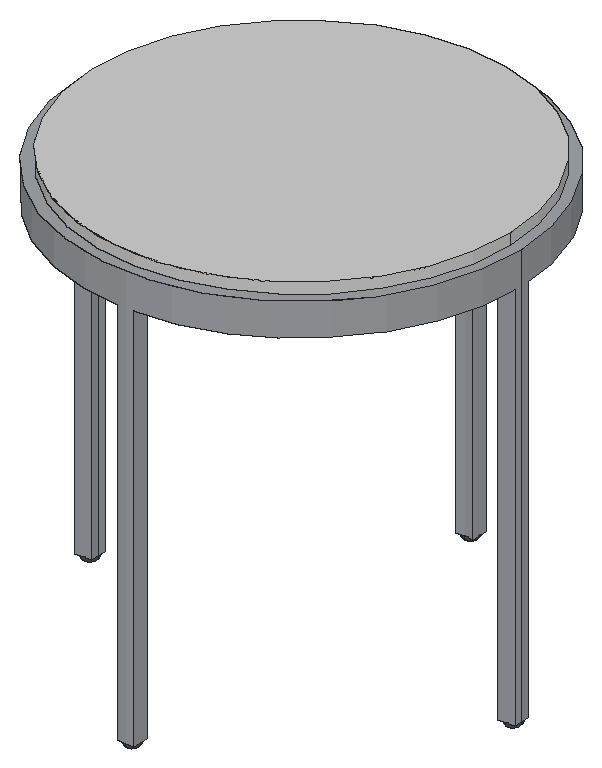
Revit family
Parameters
  URL = "http://www.martinbrattrud.com"
  Table Top [instance] = none
  SCS Certified Product = "Yes"
  Model = "Braemar 784-20CH"
  Manufacturer = "Martin Brattrud, Inc."
  Leg [instance] = none
  Keynote = "125000"
  Foot [instance] = none
  Copyright = "© 2013 Martin Brattrud, Inc."
  Authoring Version = "Revit Architecture 2010"
  Assembly Code = "E2020200"
Reference planes (in)
  plane 1 "Center Front/Back": y = 0
  plane 2: z = 0
  plane 3 "Center Left/Right": x = 0
  plane 4: z = 0
  plane 5: z = 20
Forms (in)
  Extrusion 1, solid, material <- "Table Top"
    sketch origin (0, 0, 4) x (1, 0, 0) y (0, 1, 0)
      loop
        circle (0, 0) r 9.5
    from 15.5 to 16
  Extrusion 2, solid, material <- "Leg"
    sketch origin (0, 0, 4) x (1, 0, 0) y (0, 1, 0)
      loop
        circle (0, 0) r 10
      loop
        circle (0, 0) r 9.25
    from -3.75 to 15.5
  Extrusion 3, void
    sketch origin (0, 0, 4) x (1, 0, 0) y (0, 1, 0)
      loop
        arc (-0.375, 9.99297) -> (-7.07107, 7.07107) -> (-9.99297, 0.375) r 10
        line (-9.99297, 0.375) -> (-0.375, 0.375) -> (-0.375, 9.99297)
      loop
        line (0.375, 9.99297) -> (0.375, 0.375) -> (9.99297, 0.375)
        arc (9.99297, 0.375) -> (7.07107, 7.07107) -> (0.375, 9.99297) r 10
      loop
        line (-0.375, -9.99297) -> (-0.375, -0.375) -> (-9.99297, -0.375)
        arc (-9.99297, -0.375) -> (-7.07107, -7.07107) -> (-0.375, -9.99297) r 10
      loop
        arc (0.375, -9.99297) -> (7.07107, -7.07107) -> (9.99297, -0.375) r 10
        line (9.99297, -0.375) -> (0.375, -0.375) -> (0.375, -9.99297)
    from -4 to 14
  Revolve 4, solid, material <- "Foot"
    sketch origin (0.00363, -9.99645, 48) x (0, -1, 0) y (0, 0, -1)
      loop
        arc (-0.50027, 48) -> (-0.67687, 47.92668) -> (-0.75, 47.75) r 0.25
        line (-0.75, 47.75) -> (-0.375, 47.75) -> (-0.375, 48) -> (-0.50027, 48)
      axis (-0.375, 48) -> (-0.375, 47.75)
    angle from 0 to 360
  Revolve 5, solid, material <- "Foot"
    sketch origin (0.00363, 9.99645, 48) x (0, 1, 0) y (0, 0, 1)
      loop
        line (-0.50027, -48) -> (-0.375, -48) -> (-0.375, -47.75) -> (-0.75, -47.75)
        arc (-0.75, -47.75) -> (-0.67687, -47.92668) -> (-0.50027, -48) r 0.25
      axis (-0.375, -48) -> (-0.375, -47.75)
    angle from 0 to 360
  Revolve 6, solid, material <- "Foot"
    sketch origin (10.00007, 0, 48) x (1, 0, 0) y (0, 0, -1)
      loop
        arc (-0.50027, 48) -> (-0.67687, 47.92668) -> (-0.75, 47.75) r 0.25
        line (-0.75, 47.75) -> (-0.375, 47.75) -> (-0.375, 48) -> (-0.50027, 48)
      axis (-0.375, 48) -> (-0.375, 47.75)
    angle from 0 to 360
  Revolve 7, solid, material <- "Foot"
    sketch origin (-9.99282, 0, 48) x (-1, 0, 0) y (0, 0, 1)
      loop
        line (-0.50027, -48) -> (-0.375, -48) -> (-0.375, -47.75) -> (-0.75, -47.75)
        arc (-0.75, -47.75) -> (-0.67687, -47.92668) -> (-0.50027, -48) r 0.25
      axis (-0.375, -48) -> (-0.375, -47.75)
    angle from 0 to 360
Cuts and joins
  Extrusion 3 cuts Extrusion 2
  Extrusion 3 cuts Revolve 4
  Extrusion 3 cuts Revolve 5
  Extrusion 3 cuts Revolve 6
  Extrusion 3 cuts Revolve 7
